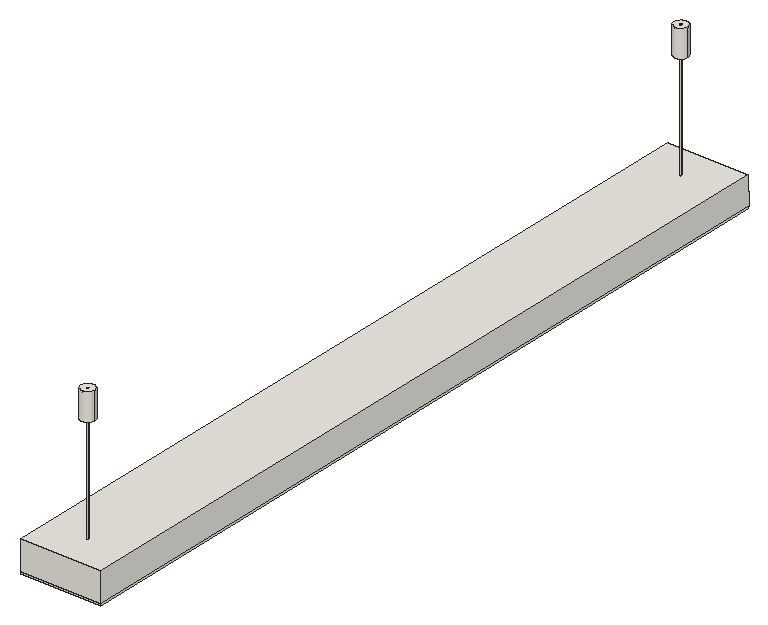
Revit family "ERA_LF_PR_SPO-532", category Осветительные приборы, Revit 2019 (continued)
Types (4, lengths in mm): name | built-in parameter 1150134 | Файл фотометрической сетки | built-in parameter 1150142 | _УГО_Длина | _УГО_Диаметр | Lumens | Emit from Rectangle Length | _Корпус_Длина | built-in parameter 1150107 | _Подвес_Расстояние | URL | ADSK_Размер_Длина | ADSK_Полная мощность | ADSK_Номинальная мощность | ADSK_Масса | ADSK_Марка | ADSK_Обозначение | ADSK_Наименование
  SPO-532-0-40K-036, LED, IP20, 1200х60х23 мм (ДхШхВ), 36 Вт, 4000 К, 3300 лм, класс защиты I, в комплекте (импульсный драйвер, поликарбонат) | SPO-532-0-40K-018.ies | "SPO-532-0-40K-036.ies" | "IESNA:LM-63-1995\r\n[DATA] 14.08.2014\r\n[MANUFAC]??ÐÀ\r\n[LUMCAT] \r\n[LUMINAIRE]  SPO-532-0-40K-036\r\n[LAMP] LED\r\nTILT=NONE\r\n1 3500 3.301 46 37 1 2 1.200 0.060 0.023\r\n1 1 35.5\r\n0.0000 2.0000 4.0000 6.0000 8.0000 10.0000 12.0000 14.0000 16.0000 18.0000 20.0000 22.0000 24.0000 26.0000 28.0000 30.0000 32.0000 34.0000 36.0000 38.0000 40.0000 42.0000 44.0000 46.0000 48.0000 50.0000 52.0000 54.0000 56.0000 58.0000 60.0000 62.0000 64.0000 66.0000 68.0000 70.0000 72.0000 74.0000 76.0000 78.0000 80.0000 82.0000 84.0000 86.0000 88.0000 90.0000 \r\n0.0000 10.0000 20.0000 30.0000 40.0000 50.0000 60.0000 70.0000 80.0000 90.0000 100.0000 110.0000 120.0000 130.0000 140.0000 150.0000 160.0000 170.0000 180.0000 190.0000 200.0000 210.0000 220.0000 230.0000 240.0000 250.0000 260.0000 270.0000 280.0000 290.0000 300.0000 310.0000 320.0000 330.0000 340.0000 350.0000 360.0000 \r\n351.8476 351.8476 351.0617 349.4898 347.6558 345.0360 342.4161 338.7483 334.8185 330.3648 325.1250 320.1473 314.1216 308.0959 301.0223 293.9487 286.6130 278.2295 270.6319 261.7243 253.0788 244.1713 234.4778 225.0463 215.0908 204.8733 194.6558 184.4384 173.9589 163.4795 152.4760 141.7346 130.7312 119.9897 108.9863 98.2449 87.7654 77.0240 66.8065 56.5890 46.3716 36.9401 27.7706 18.6010 10.4795 3.1438 \r\n351.8476 351.8318 351.0459 349.4819 347.6558 345.0281 342.4240 338.7325 334.8185 330.3648 325.1408 320.1473 314.1137 308.0801 301.0223 293.9487 286.6051 278.2374 270.6240 261.7243 253.0709 244.1634 234.4699 225.0384 215.0829 204.8733 194.6637 184.4384 173.9668 163.4953 152.4839 141.7425 130.7391 119.9976 109.0100 98.2607 87.7733 77.0556 66.8302 56.6206 46.4032 36.9717 27.7863 18.6247 10.5032 3.1596 \r\n351.8476 351.7863 351.0004 349.4591 347.6558 345.0053 342.4468 338.6870 334.8185 330.3648 325.1863 320.1473 314.0910 308.0346 301.0223 293.9487 286.5824 278.2601 270.6012 261.7243 253.0481 244.1406 234.4471 225.0156 215.0601 204.8733 194.6865 184.4384 173.9896 163.5408 152.5067 141.7652 130.7618 120.0204 109.0782 98.3062 87.7961 77.1466 66.8985 56.7116 46.4942 37.0627 27.8318 18.6930 10.5714 3.2051 \r\n351.8476 351.7166 350.9307 349.4243 347.6558 344.9705 342.4816 338.6173 334.8185 330.3648 325.2560 320.1473 314.0561 307.9649 301.0223 293.9487 286.5475 278.2950 270.5664 261.7243 253.0133 244.1058 234.4123 224.9808 215.0253 204.8733 194.7213 184.4384 174.0244 163.6105 152.5415 141.8001 130.7967 120.0552 109.1828 98.3759 87.8309 77.2860 67.0030 56.8510 46.6336 37.2021 27.9015 18.7975 10.6759 3.2748 \r\n351.8476 351.6311 350.8452 349.3815 347.6558 344.9277 342.5244 338.5318 334.8185 330.3648 325.3415 320.1473 314.0134 307.8794 301.0223 293.9487 286.5048 278.3377 270.5236 261.7243 252.9705 244.0630 234.3695 224.9380 214.9825 204.8733 194.7641 184.4384 174.0672 163.6960 152.5843 141.8428 130.8394 120.0980 109.3111 98.4614 87.8737 77.4570 67.1313 57.0220 46.8046 37.3731 27.9870 18.9258 10.8042 3.3603 \r\n351.8476 351.5401 350.7542 349.3360 347.6558 344.8822 342.5699 338.4408 334.8185 330.3648 325.4325 320.1473 313.9679 307.7884 301.0223 293.9487 286.4593 278.3832 270.4781 261.7243 252.9250 244.0175 234.3240 224.8925 214.9370 204.8733 194.8096 184.4384 174.1127 163.7869 152.6298 141.8883 130.8849 120.1435 109.4475 98.5524 87.9192 77.6389 67.2677 57.2040 46.9865 37.5550 28.0780 19.0623 10.9407 3.4513 \r\n351.8476 351.4546 350.6687 349.2933 347.6558 344.8395 342.6126 338.3553 334.8185 330.3648 325.5180 320.1473 313.9251 307.7029 301.0223 293.9487 286.4165 278.4260 270.4354 261.7243 252.8823 243.9748 234.2813 224.8498 214.8943 204.8733 194.8523 184.4384 174.1554 163.8724 152.6725 141.9311 130.9277 120.1862 109.5758 98.6379 87.9619 77.8099 67.3960 57.3750 47.1575 37.7260 28.1635 19.1905 11.0689 3.5368 \r\n351.8476 351.3849 350.5990 349.2584 347.6558 344.8046 342.6475 338.2856 334.8185 330.3648 325.5877 320.1473 313.8903 307.6332 301.0223 293.9487 286.3817 278.4608 270.4005 261.7243 252.8474 243.9399 234.2464 224.8149 214.8594 204.8733 194.8872 184.4384 174.1903 163.9421 152.7074 141.9659 130.9625 120.2211 109.6803 98.7076 87.9968 77.9493 67.5005 57.5144 47.2969 37.8654 28.2332 19.2950 11.1735 3.6065 \r\n351.8476 351.3395 350.5535 349.2357 347.6558 344.7819 342.6702 338.2401 334.8185 330.3648 325.6332 320.1473 313.8675 307.5877 301.0223 293.9487 286.3589 278.4836 270.3778 261.7243 252.8247 243.9172 234.2237 224.7922 214.8367 204.8733 194.9099 184.4384 174.2130 163.9876 152.7301 141.9887 130.9853 120.2438 109.7486 98.7530 88.0195 78.0403 67.5688 57.6054 47.3879 37.9564 28.2787 19.3633 11.2417 3.6520 \r\n351.8476 351.3237 350.5377 349.2278 347.6558 344.7740 342.6781 338.2243 334.8185 330.3648 325.6490 320.1473 313.8596 307.5719 301.0223 293.9487 286.3510 278.4915 270.3699 261.7243 252.8168 243.9093 234.2158 224.7843 214.8288 204.8733 194.9178 184.4384 174.2209 164.0034 152.7380 141.9966 130.9932 120.2517 109.7723 98.7688 88.0274 78.0719 67.5925 57.6370 47.4195 37.9880 28.2945 19.3870 11.2654 3.6678 \r\n351.8476 351.3237 350.5140 349.2278 347.6242 344.7424 342.6307 338.2006 334.7790 330.2936 325.5700 320.0604 313.7727 307.5008 300.9433 293.8776 286.2799 278.4204 270.2751 261.6295 252.7220 243.8066 234.1210 224.7132 214.7656 204.8259 194.8704 184.4068 174.1893 163.9560 152.7143 141.9650 130.9695 120.2122 109.7328 98.7293 87.9879 78.0087 67.5214 57.5580 47.3405 37.9011 28.2392 19.3080 11.1396 3.6196 \r\n351.8476 351.3237 350.4458 349.2278 347.5333 344.6514 342.4942 338.1324 334.6653 330.0889 325.3425 319.8102 313.5225 307.2961 300.7158 293.6728 286.0752 278.2156 270.0021 261.3566 252.4490 243.5109 233.8480 224.5084 214.5836 204.6894 194.7339 184.3158 174.0983 163.8196 152.6461 141.8740 130.9012 120.0985 109.6190 98.6156 87.8742 77.8267 67.3166 57.3305 47.1131 37.6509 28.0800 19.0805 10.7775 3.4808 \r\n351.8476 351.3237 350.3412 349.2278 347.3939 344.5120 342.2851 338.0278 334.4910 329.7753 324.9940 319.4268 313.1391 306.9825 300.3673 293.3592 285.7616 277.9020 269.5839 260.9384 252.0308 243.0578 233.4298 224.1948 214.3048 204.4803 194.5248 184.1764 173.9589 163.6105 152.5415 141.7346 130.7967 119.9242 109.4448 98.4414 87.6999 77.5479 67.0030 56.9820 46.7645 37.2675 27.8360 18.7320 10.2226 3.2682 \r\n351.8476 351.3237 350.2130 349.2278 347.2229 344.3410 342.0286 337.8996 334.2773 329.3905 324.5665 318.9566 312.6689 306.5977 299.9398 292.9744 285.3768 277.5172 269.0709 260.4254 251.5178 242.5020 232.9168 223.8100 213.9628 204.2238 194.2683 184.0054 173.7879 163.3540 152.4133 141.5636 130.6684 119.7105 109.2310 98.2276 87.4862 77.2059 66.6182 56.5545 46.3370 36.7973 27.5368 18.3045 9.5420 3.0074 \r\n351.8476 351.3237 350.0765 349.2278 347.0409 344.1590 341.7557 337.7631 334.0498 328.9811 324.1116 318.4561 312.1685 306.1883 299.4849 292.5650 284.9674 277.1078 268.5250 259.8794 250.9719 241.9106 232.3709 223.4006 213.5989 203.9509 193.9954 183.8234 173.6059 163.0810 152.2768 141.3816 130.5319 119.4830 109.0036 98.0001 87.2587 76.8420 66.2088 56.0996 45.8821 36.2969 27.2183 17.8496 8.8176 2.7298 \r\n351.8476 351.3237 349.9482 349.2278 346.8699 343.9880 341.4992 337.6349 333.8361 328.5963 323.6841 317.9859 311.6982 305.8035 299.0574 292.1802 284.5826 276.7230 268.0120 259.3664 250.4589 241.3549 231.8579 223.0158 213.2569 203.6944 193.7389 183.6524 173.4349 162.8245 152.1486 141.2106 130.4037 119.2693 108.7898 97.7864 87.0449 76.5000 65.8241 55.6721 45.4546 35.8266 26.9191 17.4221 8.1370 2.4690 \r\n351.8476 351.3237 349.8437 349.2278 346.7305 343.8486 341.2901 337.5303 333.6618 328.2827 323.3356 317.6025 311.3149 305.4899 298.7089 291.8666 284.2690 276.4094 267.5938 258.9482 250.0407 240.9018 231.4397 222.7022 212.9781 203.4853 193.5298 183.5130 173.2955 162.6154 152.0440 141.0712 130.2991 119.0950 108.6156 97.6121 86.8707 76.2212 65.5104 55.3236 45.1061 35.4433 26.6751 17.0736 7.5821 2.2564 \r\n351.8476 351.3237 349.7754 349.2278 346.6395 343.7577 341.1536 337.4621 333.5481 328.0780 323.1081 317.3523 311.0647 305.2852 298.4814 291.6619 284.0643 276.2047 267.3208 258.6753 249.7678 240.6061 231.1667 222.4975 212.7961 203.3488 193.3933 183.4220 173.2046 162.4789 151.9758 140.9802 130.2309 118.9813 108.5018 97.4984 86.7570 76.0392 65.3057 55.0961 44.8787 35.1931 26.5159 16.8461 7.2200 2.1176 \r\n351.8476 351.3237 349.7517 349.2278 346.6079 343.7261 341.1062 337.4384 333.5086 328.0069 323.0291 317.2654 310.9778 305.2141 298.4024 291.5908 283.9932 276.1336 267.2260 258.5805 249.6730 240.5034 231.0719 222.4264 212.7329 203.3014 193.3459 183.3904 173.1730 162.4315 151.9521 140.9486 130.2072 118.9418 108.4623 97.4589 86.7175 75.9760 65.2346 55.0171 44.7997 35.1062 26.4606 16.7671 7.0942 2.0694 \r\n351.8476 351.3237 349.7517 349.1962 346.6079 343.7182 341.0904 337.4068 333.4770 327.9990 323.0212 317.2496 310.9778 305.1904 298.3866 291.5671 283.9537 276.0941 267.2023 258.5489 249.6572 240.5034 231.0798 222.4185 212.7092 203.2540 193.2906 183.3272 173.0861 162.3762 151.9047 140.9091 130.1677 118.9260 108.4386 97.4510 86.7175 75.9918 65.2662 55.0487 44.8313 35.1378 26.4237 16.5392 6.9539 2.0212 \r\n351.8476 351.3237 349.7517 349.1052 346.6079 343.6954 341.0449 337.3158 333.3860 327.9762 322.9985 317.2041 310.9778 305.1221 298.3411 291.4988 283.8399 275.9803 267.1341 258.4579 249.6117 240.5034 231.1026 222.3957 212.6409 203.1175 193.1314 183.1452 172.8358 162.2170 151.7682 140.7954 130.0540 118.8805 108.3704 97.4283 86.7175 76.0373 65.3572 55.1397 44.9223 35.2288 26.3174 15.8831 6.5498 1.8823 \r\n351.8476 351.3237 349.7517 348.9658 346.6079 343.6606 340.9752 337.1764 333.2466 327.9414 322.9636 317.1344 310.9778 305.0176 298.2714 291.3943 283.6657 275.8061 267.0296 258.3185 249.5420 240.5034 231.1374 222.3609 212.5364 202.9084 192.8874 182.8664 172.4525 161.9730 151.5591 140.6211 129.8797 118.8108 108.2658 97.3934 86.7175 76.1070 65.4966 55.2791 45.0617 35.3682 26.1545 14.8778 5.9308 1.6695 \r\n351.8476 351.3237 349.7517 348.7948 346.6079 343.6178 340.8897 337.0054 333.0756 327.8986 322.9209 317.0489 310.9778 304.8893 298.1859 291.2660 283.4519 275.5923 266.9013 258.1475 249.4565 240.5034 231.1802 222.3181 212.4081 202.6519 192.5882 182.5244 171.9822 161.6738 151.3026 140.4074 129.6660 118.7253 108.1376 97.3507 86.7175 76.1925 65.6676 55.4501 45.2327 35.5392 25.9548 13.6446 5.1715 1.4084 \r\n351.8476 351.3237 349.7517 348.6128 346.6079 343.5723 340.7987 336.8234 332.8936 327.8531 322.8754 316.9580 310.9778 304.7528 298.0949 291.1295 283.2245 275.3649 266.7648 257.9655 249.3655 240.5034 231.2257 222.2726 212.2717 202.3789 192.2697 182.1605 171.4818 161.3553 151.0296 140.1799 129.4385 118.6343 108.0011 97.3052 86.7175 76.2835 65.8496 55.6321 45.4146 35.7211 25.7422 12.3323 4.3634 1.1306 \r\n351.8476 351.3237 349.7517 348.4418 346.6079 343.5296 340.7132 336.6524 332.7226 327.8104 322.8326 316.8725 310.9778 304.6246 298.0094 291.0013 283.0107 275.1511 266.6366 257.7945 249.2800 240.5034 231.2684 222.2299 212.1434 202.1224 191.9705 181.8185 171.0115 161.0561 150.7731 139.9662 129.2247 118.5488 107.8729 97.2624 86.7175 76.3690 66.0206 55.8031 45.5856 35.8921 25.5424 11.0992 3.6040 0.8696 \r\n351.8476 351.3237 349.7517 348.3024 346.6079 343.4947 340.6435 336.5130 332.5832 327.7755 322.7978 316.8028 310.9778 304.5200 297.9397 290.8968 282.8365 274.9769 266.5320 257.6551 249.2103 240.5034 231.3033 222.1950 212.0389 201.9133 191.7265 181.5397 170.6282 160.8121 150.5640 139.7919 129.0505 118.4791 107.7683 97.2276 86.7175 76.4387 66.1600 55.9425 45.7250 36.0315 25.3795 10.0939 2.9850 0.6568 \r\n351.8476 351.3237 349.7517 348.2114 346.6079 343.4720 340.5980 336.4220 332.4922 327.7528 322.7750 316.7573 310.9778 304.4518 297.8942 290.8285 282.7227 274.8631 266.4638 257.5641 249.1648 240.5034 231.3260 222.1723 211.9706 201.7769 191.5673 181.3577 170.3780 160.6529 150.4275 139.6782 128.9368 118.4336 107.7001 97.2048 86.7175 76.4842 66.2509 56.0335 45.8160 36.1225 25.2732 9.4378 2.5810 0.5179 \r\n351.8476 351.3237 349.7517 348.1798 346.6079 343.4641 340.5822 336.3904 332.4606 327.7449 322.7671 316.7415 310.9778 304.4281 297.8784 290.8048 282.6832 274.8237 266.4401 257.5326 249.1490 240.5034 231.3339 222.1644 211.9469 201.7295 191.5120 181.2945 170.2911 160.5976 150.3801 139.6387 128.8973 118.4178 107.6764 97.1969 86.7175 76.5000 66.2825 56.0651 45.8476 36.1541 25.2363 9.2100 2.4407 0.4697 \r\n351.8476 351.3395 349.7912 348.2193 346.6395 343.5115 340.6375 336.4615 332.5318 327.8239 322.8383 316.8442 311.0726 304.5387 297.9733 290.8996 282.8018 274.9264 266.5665 257.6590 249.2675 240.6141 231.4287 222.2513 212.0417 201.8243 191.6068 181.3893 170.4017 160.6845 150.4434 139.7019 128.9526 118.4652 107.7159 97.2285 86.7491 76.5158 66.2983 56.0809 45.8634 36.1778 25.3128 9.4932 2.6831 0.5503 \r\n351.8476 351.3850 349.9050 348.3331 346.7305 343.6480 340.7968 336.6663 332.7365 328.0514 323.0430 317.1399 311.3455 304.8572 298.2462 291.1726 283.1430 275.2221 266.9305 258.0229 249.6087 240.9325 231.7017 222.5015 212.3147 202.0973 191.8798 181.6623 170.7202 160.9347 150.6253 139.8839 129.1118 118.6017 107.8296 97.3195 86.8401 76.5613 66.3438 56.1264 45.9089 36.2461 25.5328 10.3086 3.3811 0.7825 \r\n351.8476 351.4547 350.0792 348.5073 346.8699 343.8571 341.0407 336.9799 333.0501 328.3999 323.3566 317.5930 311.7638 305.3451 298.6644 291.5908 283.6657 275.6751 267.4881 258.5805 250.1315 241.4204 232.1199 222.8849 212.7329 202.5155 192.2980 182.0805 171.2081 161.3181 150.9041 140.1627 129.3558 118.8108 108.0039 97.4589 86.9795 76.6310 66.4135 56.1961 45.9786 36.3506 25.8699 11.5578 4.4505 1.1382 \r\n351.8476 351.5402 350.2930 348.7211 347.0409 344.1136 341.3400 337.3647 333.4349 328.8274 323.7414 318.1487 312.2768 305.9436 299.1774 292.1038 284.3070 276.2309 268.1721 259.2645 250.7727 242.0189 232.6329 223.3551 213.2459 203.0285 192.8110 182.5935 171.8066 161.7884 151.2461 140.5047 129.6550 119.0673 108.2176 97.6299 87.1505 76.7165 66.4990 56.2816 46.0641 36.4789 26.2834 13.0902 5.7622 1.5746 \r\n351.8476 351.6311 350.5205 348.9485 347.2229 344.3865 341.6584 337.7741 333.8443 329.2823 324.1508 318.7401 312.8227 306.5805 299.7234 292.6497 284.9894 276.8223 268.9000 259.9924 251.4551 242.6558 233.1788 223.8556 213.7919 203.5744 193.3569 183.1395 172.4435 162.2888 151.6101 140.8687 129.9735 119.3403 108.4451 97.8119 87.3324 76.8075 66.5900 56.3726 46.1551 36.6153 26.7235 14.7210 7.1581 2.0390 \r\n351.8476 351.7166 350.7342 349.1623 347.3939 344.6430 341.9577 338.1589 334.2291 329.7098 324.5356 319.2959 313.3357 307.1790 300.2364 293.1627 285.6306 277.3781 269.5840 260.6764 252.0964 243.2543 233.6918 224.3258 214.3048 204.0874 193.8699 183.6524 173.0420 162.7590 151.9521 141.2107 130.2727 119.5968 108.6588 97.9829 87.5034 76.8930 66.6755 56.4581 46.2406 36.7436 27.1370 16.2534 8.4699 2.4753 \r\n351.8476 351.7863 350.9084 349.3365 347.5333 344.8521 342.2016 338.4725 334.5427 330.0583 324.8492 319.7489 313.7539 307.6669 300.6546 293.5809 286.1534 277.8311 270.1416 261.2340 252.6191 243.7422 234.1100 224.7092 214.7230 204.5056 194.2881 184.0706 173.5299 163.1424 152.2309 141.4894 130.5167 119.8059 108.8331 98.1223 87.6428 76.9627 66.7452 56.5278 46.3103 36.8481 27.4741 17.5026 9.5392 2.8310 \r\n351.8476 351.8318 351.0222 349.4503 347.6243 344.9886 342.3608 338.6772 334.7474 330.2858 325.0539 320.0446 314.0268 307.9853 300.9275 293.8539 286.4946 278.1268 270.5055 261.5980 252.9603 244.0607 234.3830 224.9594 214.9960 204.7785 194.5611 184.3436 173.8483 163.3926 152.4129 141.6714 130.6759 119.9423 108.9468 98.2133 87.7338 77.0082 66.7907 56.5732 46.3558 36.9164 27.6941 18.3179 10.2371 3.0632 \r\n351.8476 351.8476 351.0617 349.4898 347.6558 345.0360 342.4161 338.7483 334.8185 330.3648 325.1250 320.1473 314.1216 308.0959 301.0223 293.9487 286.6130 278.2295 270.6319 261.7243 253.0788 244.1713 234.4778 225.0463 215.0908 204.873
    3 194.6558 184.4384 173.9589 163.4795 152.4760 141.7346 130.7312 119.9897 108.9863 98.2449 87.7654 77.0240 66.8065 56.5890 46.3716 36.9401 27.7706 18.6010 10.4795 3.1438 \r\n" | 12.00 | 12.00 | 3300 lm | 1200.00 | 1200.00 | 4000 (stored number, unit not read) | 1150.00 | "https://www.eraworld.ru/catalog/2650727" | 1200.00 | 40 VA | 36 W | 0.53 | "SPO-532-0-40K-036" | "SPO-532-0-40K-036" | "Светильник, LED, прямоугольный, подвесной, IP20, 1200х60х23 мм (ДхШхВ), 36 Вт, 4000 К, 3300 лм, класс защиты I, в комплекте (импульсный драйвер, поликарбонат)"
